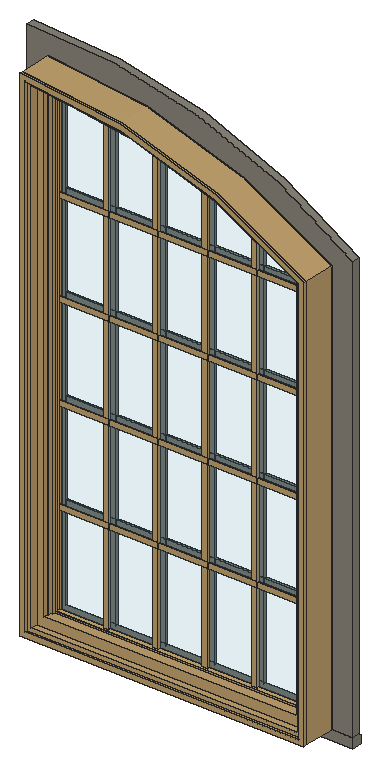
Revit family (continued)
Definition of nested family "Roundtop_Section_Detail"
  Definition of nested family "Head_Detail"
    Lines and regions (in)
      detail lines, style "Cut Lines", in view "Ref. Level"
        curve 26: line (2, -2.677, 0) -> (1.89299, -2.677, 0)
        curve 27: line (2, -0.625, 0) -> (2, -2.677, 0)
        curve 28: line (0.47297, -2.90625, 0) -> (0.44605, -2.90625, 0)
        curve 29: line (1.89299, -2.677, 0) -> (1.66374, -2.90625, 0)
        curve 30: line (2.34399, -2.5005, 0) -> (2.34399, -2.313, 0)
        curve 31: line (1.31549, -2.45402, 0) -> (0.69049, -2.45402, 0)
        curve 32: line (1.31549, -2.6605, 0) -> (0.69049, -2.6605, 0)
        curve 33: line (1.50299, -2.353, 0) -> (1.31549, -2.353, 0)
        curve 34: line (0.69049, -2.353, 0) -> (0.50199, -2.353, 0)
      detail lines, style "Cut Lines", in view "Ref. Level", visible <- "Flange"
        curve 7: line (0, 1.5, 0) -> (0, 0.15, 0)
        curve 8: line (-0.04501, 0, 0) -> (-0.04501, 1.5, 0)
        curve 9: line (-0.04501, 1.5, 0) -> (0, 1.5, 0)
        curve 10: line (0.10999, 0.15, 0) -> (0.10999, 0, 0)
        curve 11: line (0, 0.15, 0) -> (0.10999, 0.15, 0)
    Dimensions and locks (in)
      aligned and locked: curve 25 to curve 28
      aligned and locked: curve 24 to curve 33
  Definition of nested family "Sill_Detail"
    Parameters (values of type "Jamb_Detail")
      Flange = yes
      Assembly Code = ""
    Reference planes (in)
      plane 1 "Center (Front/Back)": y = 0
      plane 2: z = 0
      plane 3 "Center (Left/Right)": x = 0
    Lines and regions (in)
      detail lines, style "Cut Lines", in view "Ref. Level"
        curve 1: line (4.56199, 0, 0) -> (4.56199, 1.188, 0)
        curve 2: line (-1.09401, 0, 0) -> (4.56199, 0, 0)
        curve 3: line (4.56199, 1.188, 0) -> (0.53125, 1.188, 0)
        curve 4: line (-1.09401, 0.52105, 0) -> (-1.09401, 0, 0)
        curve 5: line (0.39248, 0.625, 0) -> (-1.09401, 0.52105, 0)
        curve 6: line (0.39248, 0.625, 0) -> (2, 0.625, 0)
        curve 12: line (3.53074, 1.188, 0) -> (3.53074, 2.5005, 0)
        curve 13: line (3.53074, 2.5005, 0) -> (2, 2.5005, 0)
        curve 14: line (0.53125, 0.8125, 0) -> (0.53125, 1.188, 0)
        curve 15: line (0.125, 0.8125, 0) -> (0.53125, 0.8125, 0)
        curve 16: line (0.125, 2.696, 0) -> (0.125, 0.8125, 0)
        curve 17: line (0.2358, 2.696, 0) -> (0.125, 2.696, 0)
        curve 18: line (0.44605, 2.90625, 0) -> (0.2358, 2.696, 0)
        curve 19: line (0.47297, 2.208, 0) -> (0.47297, 2.90625, 0)
        curve 20: line (1.50299, 2.208, 0) -> (0.47297, 2.208, 0)
        curve 21: line (1.50299, 2.90625, 0) -> (1.50299, 2.208, 0)
        curve 22: line (1.66374, 2.90625, 0) -> (1.50299, 2.90625, 0)
        curve 23: line (2, 2.677, 0) -> (1.89299, 2.677, 0)
        curve 24: line (2, 0.625, 0) -> (2, 2.677, 0)
        curve 25: line (0.47297, 2.90625, 0) -> (0.44605, 2.90625, 0)
        curve 26: line (1.89299, 2.677, 0) -> (1.66374, 2.90625, 0)
        curve 27: line (1.31549, 2.45402, 0) -> (0.69049, 2.45402, 0)
        curve 28: line (1.31549, 2.6605, 0) -> (0.69049, 2.6605, 0)
        curve 29: line (1.50299, 2.353, 0) -> (1.31549, 2.353, 0)
        curve 30: line (0.69049, 2.353, 0) -> (0.50199, 2.353, 0)
      detail lines, style "Cut Lines", in view "Ref. Level", visible <- "Flange"
        curve 7: line (0, -1.5, 0) -> (0, -0.15, 0)
        curve 8: line (-0.04501, 0, 0) -> (-0.04501, -1.5, 0)
        curve 9: line (-0.04501, -1.5, 0) -> (0, -1.5, 0)
        curve 10: line (0.10999, -0.15, 0) -> (0.10999, 0, 0)
        curve 11: line (0, -0.15, 0) -> (0.10999, -0.15, 0)
